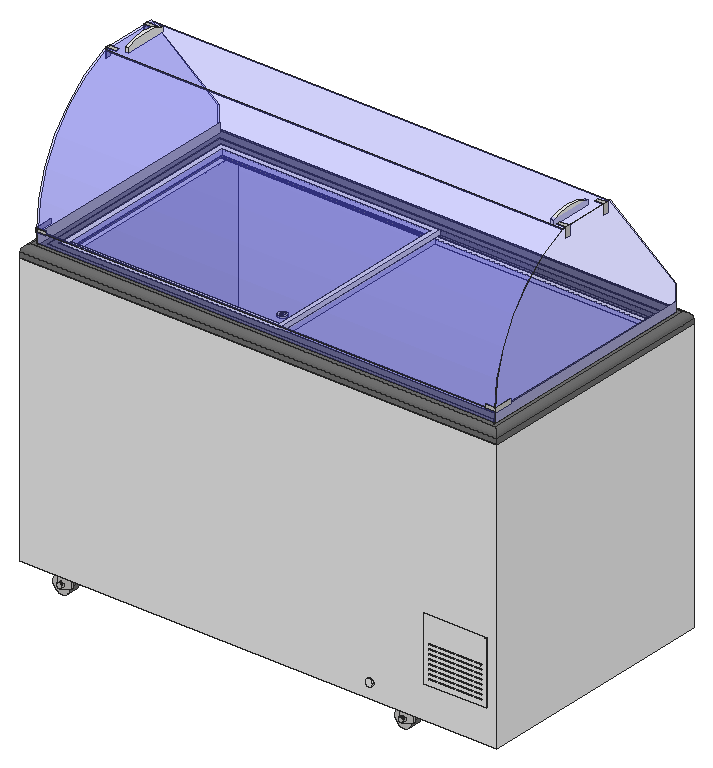
Revit family "Qf_Summit_NOVA45GDC_14 Cu.Ft. Dipping Cabinet (Unassembled)", category Specialty Equipment, Revit 2020
Family settings
  Round Connector Dimension = Use Diameter
  Part Type = Normal
  Work Plane-Based = No
  Always vertical = Yes
  Cut with Voids When Loaded = No
  Shared = No
  Room Calculation Point = No
Parameters
  Weight in Pounds = 250
  Watts = FL Amps * Volts  # 828 W
  Volts = 115 V
  URL Cutsheet = ""
  Specification by User = ""
  Specification by Manufacturer = ""
  Show Clearance [instance] = yes
  Serial Number = ""
  Seismic Rating = ""
  SMACNA No = ""
  Revision Code = ""
  Refrigerant Volume = 0.00 kip
  Refrigerant Type = "R290a"
  Phase = 1
  Number of Poles = 1
  NAFEM Spec ID Number = ""
  Model = "NOVA45GDC"
  Min Ckt Ampacity = 0 A
  Max Overcurrent Protection = 0 A
  Masterspec = ""
  Manufacturer = "Summit"
  Length = 53"
  Item Number = ""
  Installed By = ""
  Identify Quantity as Lot = yes
  Height = 49 1/2"
  HP = ""
  Furnished By = ""
  Foodservice Equipment Identifier = yes
  FL Amps = 7.2 A
  Electrical Remarks = ""
  Electric Connection Type = ""
  Elec Conn RI Height = 0"
  Elec Conn Connection Height = 0"
  Description = "14 Cu.Ft. Dipping Cabinet (Unassembled)"
  Depth = 27 1/4"
  Default Elevation = 0"
  Cycle = 60 Hz
  Conn Plug = ""
  Conn Conduit = yes
  CSI MasterFormat = ""
  Apparent Power = 828 VA
Reference planes (in)
  plane 1: z = 0
  plane 2 "LEFT": x = 0
  plane 3 "RIGHT": x = 53
  plane 4 "FRONT": y = -28
  plane 5 "TOP": z = 49.5
  plane 6 "Center Y": x = 26.5
  plane 7 "Center X": y = -14.375
  plane 8 "BACK": y = -0.75
  plane 9: z = 2.75
  plane 10: x = 0.75
  plane 11: x = 1
  plane 12: x = 3.71343
  plane 13: x = 41.6875
  plane 14: x = 39.825
  plane 15: x = 31.95
  plane 16: x = 3.125
  plane 17: x = 49.875
  plane 18: z = 5.875
  plane 19: x = 42
  plane 20: z = 15.625
  plane 21: z = 49.5
Forms (in)
  Sweep 1, solid, material "QF_Plastic_Dark_Grey"
    path origin (0, 0, 0) x (1, 0, 0) y (0, 1, 0)
      loop
        line (0, -0.75) -> (0, -28) -> (53, -28) -> (53, -0.75) -> (0, -0.75)
    profile origin (0, -14.375, 0) x (1, 0, 0) y (0, 0, 1)
      loop
        line (0, 33) -> (1.7, 33) -> (1.7, 34.25) -> (0.75, 34.25) -> (0.67874, 34.25)
        arc (0.67874, 34.25) -> (0.1988, 34.0512) -> (0, 33.57126) r 0.67874
        line (0, 33.57126) -> (0, 33)
  Extrusion 2, solid, material "QF_Metallic_Paint_White_Smooth"
    sketch origin (0, 0, 0) x (1, 0, 0) y (0, 1, 0)
      loop
        line (3.125, -27) -> (49.875, -27) -> (49.875, -1.75) -> (3.125, -1.75) -> (3.125, -27)
      loop
        line (53, -0.75) -> (0, -0.75) -> (0, -28) -> (53, -28) -> (53, -0.75)
    from 2.75 to 33
  Extrusion 3, solid, material "QF_Metallic_Paint_White_Smooth"
    sketch origin (0, 0, 0) x (1, 0, 0) y (0, 1, 0)
      loop
        line (2.4, -3.15) -> (2.4, -25.6) -> (26.75, -25.6) -> (26.75, -3.15) -> (2.4, -3.15)
      loop
        line (3.075, -3.8) -> (3.075, -24.8) -> (26.25, -24.8) -> (26.25, -3.8) -> (3.075, -3.8)
    from 33.70906 to 34.25
  Extrusion 4, solid, material "Glass"
    sketch origin (0, 0, 0) x (1, 0, 0) y (0, 1, 0)
      loop
        line (3.075, -3.8) -> (3.075, -24.8) -> (26.25, -24.8) -> (26.25, -3.8) -> (3.075, -3.8)
    from 33.63932 to 34.25
  Extrusion 5, solid, material "QF_Metallic_Paint_White_Smooth"
    sketch origin (0, -0.75, 0) x (1, 0, 0) y (0, 0, 1)
      loop
        line (1, 5.875) -> (1, 2.75) -> (52, 2.75) -> (52, 15.625) -> (42, 15.625) -> (42, 5.875) -> (1, 5.875)
    from 1 to 26.25
  Sweep 6, solid, material "QF_Plastic_Dark_Grey"
    path origin (30, 0, 34.27864) x (-1, 0, 0) y (0, -1, 0)
      loop
        line (27.7, 3.05) -> (27.7, 25.7) -> (-20.7, 25.7) -> (-20.7, 3.05) -> (27.7, 3.05)
    profile origin (26.5, -3.05, 34.27864) x (0, 1, 0) y (0, 0, 1)
      loop
        line (-0.1, -0.02864) -> (-0.1, -0.56958) -> (-0.33757, -0.56958) -> (-0.33757, -0.63932) -> (-0.1, -0.63932) -> (-0.1, -1.18026) -> (-0.33757, -1.18026) -> (-0.33757, -1.27864) -> (0.6, -1.27864) -> (0.6, -0.02864) -> (-0.1, -0.02864)
  Extrusion 7, solid, material "QF_Metallic_Paint_White_Smooth"
    sketch origin (30, 0, -0.61068) x (-1, 0, 0) y (0, -1, 0)
      loop
        line (-20.6, 3.15) -> (3.75, 3.15) -> (3.75, 25.45) -> (-20.6, 25.45) -> (-20.6, 3.15)
      loop
        line (-19.925, 3.8) -> (3.25, 3.8) -> (3.25, 24.8) -> (-19.925, 24.8) -> (-19.925, 3.8)
    from 33.70906 to 34.25
  Extrusion 8, solid, material "Glass"
    sketch origin (30, 0, -0.61068) x (-1, 0, 0) y (0, -1, 0)
      loop
        line (-19.925, 3.8) -> (3.25, 3.8) -> (3.25, 24.8) -> (-19.925, 24.8) -> (-19.925, 3.8)
    from 33.70906 to 34.25
  Extrusion 9, solid, material "QF_Metallic_Paint_White_Smooth"
    sketch origin (23.88, 0, 0) x (0, 1, 0) y (0, 0, 1)
      loop
        line (-16.73455, 49.5) -> (-12.01545, 49.5) -> (-12.01545, 50)
        arc (-12.01545, 50) -> (-14.375, 50.5) -> (-16.73455, 50) r 5.8175
        line (-16.73455, 50) -> (-16.73455, 49.5)
    from -21.1274 to -20.805
  Extrusion 10, solid, material "QF_Metallic_Paint_White_Smooth"
    sketch origin (6.12, 0, -0.61068) x (0, 1, 0) y (0, 0, -1)
      loop
        line (-16.73455, -49.5) -> (-16.73455, -50)
        arc (-16.73455, -50) -> (-14.375, -50.5) -> (-12.01545, -50) r 5.8175
        line (-12.01545, -50) -> (-12.01545, -49.5) -> (-16.73455, -49.5)
    from -44.1274 to -43.805
  Extrusion 11, solid, material "QF_Metallic_Paint_White_Smooth"
    sketch origin (0, -28, 0) x (1, 0, 0) y (0, 0, 1)
      loop
        line (44.875, 13.375) -> (44.875, 6.375) -> (51.875, 6.375) -> (51.875, 13.375) -> (44.875, 13.375)
      loop
        line (45.375, 10.625) -> (45.375, 10.375) -> (51.375, 10.375) -> (51.375, 10.625) -> (45.375, 10.625)
      loop
        line (51.375, 10.125) -> (45.375, 10.125) -> (45.375, 9.875) -> (51.375, 9.875) -> (51.375, 10.125)
      loop
        line (45.375, 9.625) -> (45.375, 9.375) -> (51.375, 9.375) -> (51.375, 9.625) -> (45.375, 9.625)
      loop
        line (51.375, 9.125) -> (45.375, 9.125) -> (45.375, 8.875) -> (51.375, 8.875) -> (51.375, 9.125)
      loop
        line (45.375, 8.625) -> (45.375, 8.375) -> (51.375, 8.375) -> (51.375, 8.625) -> (45.375, 8.625)
      loop
        line (51.375, 8.125) -> (45.375, 8.125) -> (45.375, 7.875) -> (51.375, 7.875) -> (51.375, 8.125)
      loop
        line (45.375, 7.625) -> (45.375, 7.375) -> (51.375, 7.375) -> (51.375, 7.625) -> (45.375, 7.625)
      loop
        line (51.375, 7.125) -> (45.375, 7.125) -> (45.375, 6.875) -> (51.375, 6.875) -> (51.375, 7.125)
    from 0 to 0.03125
  Extrusion 12, solid, material "QF_Metallic_Paint_White_Smooth"
    sketch origin (0, -0.75, 0) x (1, 0, 0) y (0, 0, 1)
      loop
        circle (50, 5.375) r 0.25
    from 0 to -0.23344
  Extrusion 13, solid, material "QF_Metallic_Paint_White_Smooth"
    sketch origin (0, -28, 0) x (1, 0, 0) y (0, 0, 1)
      loop
        circle (38.875, 4.375) r 0.40028
    from 0 to 0.15886
  Extrusion 14, solid, material "QF_Metal - Stainless - Polished"
    sketch origin (0.07561, 0.09001, 34.25) x (1, 0, 0) y (0, 1, 0)
      loop
        circle (25.42439, -23.52751) r 0.5
      loop
        circle (25.42439, -23.52751) r 0.25
      loop
        arc (25.45564, -23.57767) -> (25.42439, -23.46841) -> (25.39314, -23.57767) r 0.0591
        line (25.39314, -23.57767) -> (25.39314, -23.72445)
        arc (25.39314, -23.72445) -> (25.42439, -23.7557) -> (25.45564, -23.72445) r 0.03125
        line (25.45564, -23.72445) -> (25.45564, -23.57767)
    from 0.04239 to -0.05358
Cuts and joins
  joined: Extrusion 2, Extrusion 5, Extrusion 11, Extrusion 12
  joined: Extrusion 3, Extrusion 9
  joined: Extrusion 7, Extrusion 10
Lines and regions (in)
  Split face 1
    outline origin (44.875, -28.03125, 13.375) x (-1, 0, 0) y (0, 0, -1)
      loop
        arc (-2, 1.7125) -> (-2.02929, 1.78321) -> (-2.1, 1.8125) r 0.1
        line (-2.1, 1.8125) -> (-4.9, 1.8125)
        arc (-4.9, 1.8125) -> (-4.97071, 1.78321) -> (-5, 1.7125) r 0.1
        line (-5, 1.7125) -> (-5, 0.6)
        arc (-5, 0.6) -> (-4.97071, 0.52929) -> (-4.9, 0.5) r 0.1
        line (-4.9, 0.5) -> (-2.1, 0.5)
        arc (-2.1, 0.5) -> (-2.02929, 0.52929) -> (-2, 0.6) r 0.1
        line (-2, 0.6) -> (-2, 1.7125)
  Split face 2
    outline origin (44.875, -28.03125, 13.375) x (-1, 0, 0) y (0, 0, -1)
      loop
        line (-2.625, 0.6875) -> (-2.625, 1.375) -> (-4.374, 1.375) -> (-4.374, 0.6875) -> (-2.625, 0.6875)
  Split face 3
    outline origin (44.875, -28.03125, 13.375) x (-1, 0, 0) y (0, 0, -1)
      loop
        arc (-2.4061, 0.67406) -> (-2.3125, 0.54855) -> (-2.2189, 0.67406) r 0.09766
        arc (-2.2189, 0.67406) -> (-2.24545, 0.75668) -> (-2.26367, 0.84152) r 0.87424
        line (-2.26367, 0.84152) -> (-2.26974, 0.93917) -> (-2.35526, 0.93917) -> (-2.36133, 0.84152)
        arc (-2.36133, 0.84152) -> (-2.37955, 0.75668) -> (-2.4061, 0.67406) r 0.87424
  Split face 4
    outline origin (44.875, -28.03125, 13.375) x (-1, 0, 0) y (0, 0, -1)
      loop
        line (-4.59026, 0.82885) -> (-4.6875, 0.81322) -> (-4.78474, 0.82885) -> (-4.6875, 0.66041) -> (-4.59026, 0.82885)
  Split face 5
    outline origin (44.875, -28.03125, 13.375) x (-1, 0, 0) y (0, 0, -1)
      loop
        line (-4.6875, 1.09273) -> (-4.59026, 1.07711) -> (-4.6875, 1.24554) -> (-4.78474, 1.07711) -> (-4.6875, 1.09273)
  Split face 6
    outline origin (44.875, -28.03125, 13.375) x (-1, 0, 0) y (0, 0, -1)
      loop
        arc (-4.67187, 1.54954) -> (-4.6875, 1.73573) -> (-4.70312, 1.54954) r 0.09375
        line (-4.70312, 1.54954) -> (-4.70312, 1.48913) -> (-4.67187, 1.48913) -> (-4.67187, 1.54954)
  symbolic lines
    curve 1: line (0, -0.75, 0) -> (53, -0.75, 0)
    curve 2: line (0, -28, 0) -> (0, -0.75, 0)
    curve 3: line (53, -28, 0) -> (0, -28, 0)
    curve 4: line (53, -0.75, 0) -> (53, -28, 0)
    curve 5: line (1.7, -26.3, 0) -> (51.3, -26.3, 0)
    curve 6: line (1, -1.75, 0) -> (1, -26.425, 0)
    curve 7: line (52, -1.75, 0) -> (1, -1.75, 0)
    curve 8: line (52, -1.75, 0) -> (52, -26.425, 0)
    curve 9: arc (26, -23.4375, 0) -> (25.5, -22.9375, 0) -> (25, -23.4375, 0) r 0.5
    curve 10: arc (25, -23.4375, 0) -> (25.5, -23.9375, 0) -> (26, -23.4375, 0) r 0.5
    curve 11: arc (25.25, -23.4375, 0) -> (25.5, -23.1875, 0) -> (25.75, -23.4375, 0) r 0.25
    curve 12: arc (25.75, -23.4375, 0) -> (25.5, -23.6875, 0) -> (25.25, -23.4375, 0) r 0.25
    curve 13: line (25.46875, -23.48766, 0) -> (25.46875, -23.63444, 0)
    curve 14: arc (25.46875, -23.63444, 0) -> (25.5, -23.66569, 0) -> (25.53125, -23.63444, 0) r 0.03125
    curve 15: line (25.53125, -23.63444, 0) -> (25.53125, -23.48766, 0)
    curve 16: arc (25.53125, -23.48766, 0) -> (25.5, -23.3784, 0) -> (25.46875, -23.48766, 0) r 0.0591
    curve 17: line (26.75, -25.6, 0) -> (26.75, -3.15, 0)
    curve 18: line (26.25, -24.8, 0) -> (26.25, -3.8, 0)
    curve 19: line (26.25, -3.8, 0) -> (3.075, -3.8, 0)
    curve 20: line (3.075, -3.8, 0) -> (3.075, -24.8, 0)
    curve 21: line (3.075, -24.8, 0) -> (26.25, -24.8, 0)
    curve 22: line (2.4, -3.15, 0) -> (50.6, -3.15, 0)
    curve 23: line (50.6, -3.15, 0) -> (50.6, -25.6, 0)
    curve 24: line (50.6, -25.6, 0) -> (2.4, -25.6, 0)
    curve 25: line (2.4, -25.6, 0) -> (2.4, -3.15, 0)
    curve 26: line (51.3, -2.45, 0) -> (1.7, -2.45, 0)
    curve 27: line (1.7, -2.45, 0) -> (1.7, -26.3, 0)
    curve 28: line (1.7, -26.3, 0) -> (51.3, -26.3, 0)
    curve 29: line (51.3, -26.3, 0) -> (51.3, -2.45, 0)
    curve 30: line (42, -3.15, 0) -> (42, -25.36243, 0)
    curve 31: line (26.75, -3.8, 0) -> (49.925, -3.8, 0)
    curve 32: line (49.925, -3.8, 0) -> (49.925, -24.8, 0)
    curve 33: line (49.925, -24.8, 0) -> (26.75, -24.8, 0)
    curve 34: line (3.075, -12.01545, 0) -> (2.7526, -12.01545, 0)
    curve 35: line (2.7526, -12.01545, 0) -> (2.7526, -16.73455, 0)
    curve 36: line (2.7526, -16.73455, 0) -> (3.075, -16.73455, 0)
    curve 37: line (49.925, -12.01545, 0) -> (50.2474, -12.01545, 0)
    curve 38: line (50.2474, -12.01545, 0) -> (50.2474, -16.73455, 0)
    curve 39: line (50.2474, -16.73455, 0) -> (49.925, -16.73455, 0)
Dimensions and locks (in)
  equal spacing: plane 2 "LEFT", plane 6 "Center Y", plane 3 "RIGHT"
  "Length": plane 2 "LEFT" to plane 3 "RIGHT"
  equal spacing: plane 4 "FRONT", plane 7 "Center X", plane 8 "BACK"
  "Height": plane 5 "TOP" to level
  plane 3 "RIGHT" to plane 2 "LEFT" = 53"
  plane 5 "TOP" to level = 49 1/2"  (x2)
  "Depth": plane 4 "FRONT" to plane 8 "BACK"
  plane 9 to level = 2 3/4"
  locked: plane 12 to plane 2 "LEFT" at 3.71343
  locked: plane 3 "RIGHT" to plane 13 at 11.3125
  plane 5 "TOP" to cut or joined group of Extrusion 2, Extrusion 5, Extrusion 11, Extrusion 12 = 46 3/4"
  Extrusion 2 sketch curve to plane 3 "RIGHT" = 3 1/8"
  plane 14 to Extrusion 5 sketch curve = 2.175"
  locked: Extrusion 5 sketch curve to plane 3 "RIGHT" at 1
  locked: Sweep 6 sketch curve to plane 3 "RIGHT" at 2.3
  Extrusion 3 sketch curve to plane 6 "Center Y" to Extrusion 3 sketch curve = 1/4" locked, 1/4" locked
  cut or joined group of Extrusion 7, Extrusion 10 to cut or joined group of Extrusion 7, Extrusion 10 to cut or joined group of Extrusion 7, Extrusion 10 to plane 3 "RIGHT" = 0" locked, 0.3224", 2.7526"
  plane 16 to plane 17 = 46 3/4"
  locked: plane 20 to plane 18 at 9.75
  plane 17 to plane 19 = 7 7/8"
  plane 18 to level = 5 7/8"
  nested 5 to plane 5 "TOP" = 0"
  cut or joined group of Extrusion 7, Extrusion 10 to cut or joined group of Extrusion 7, Extrusion 10 = 21"
  plane 21 to level = 49 1/2"
  aligned and locked: level to plane 1
  aligned and locked: nested 1 to plane 12
  aligned and locked: nested 2 to plane 12
  aligned and locked: nested 3 to plane 13
  aligned and locked: nested 4 to plane 13
  aligned and locked: Extrusion 3 to Extrusion 4  (x3)
  aligned and locked: Extrusion 8 to Extrusion 7  (x3)
  aligned and locked: Extrusion 2 sketch curve to plane 3 "RIGHT"
  aligned and locked: Sweep 1 sketch curve to plane 3 "RIGHT"
  aligned and locked: cut or joined group of Extrusion 7, Extrusion 10 to cut or joined group of Extrusion 7, Extrusion 10
  aligned and locked: plane 18 to cut or joined group of Extrusion 2, Extrusion 5, Extrusion 11, Extrusion 12
  aligned and locked: cut or joined group of Extrusion 2, Extrusion 5, Extrusion 11, Extrusion 12 to plane 19
  aligned and locked: plane 20 to cut or joined group of Extrusion 2, Extrusion 5, Extrusion 11, Extrusion 12
  aligned and locked: cut or joined group of Extrusion 2, Extrusion 5, Extrusion 11, Extrusion 12 to plane 17
  aligned and locked: cut or joined group of Extrusion 2, Extrusion 5, Extrusion 11, Extrusion 12 to plane 16
Automatic sketch dimensions
  Extrusion 9 sketch curve to plane 5 "TOP" = 0"
  Extrusion 9 sketch curve to plane 7 "Center X" = 0"
  Extrusion 9 sketch curve to plane 7 "Center X" = 2.35955"
  plane 5 "TOP" to Extrusion 9 sketch curve = 1/2"
  plane 7 "Center X" to Extrusion 9 sketch curve = 2.35955"
  Extrusion 9 sketch curve to plane 5 "TOP" = 4.8175"
  Extrusion 10 sketch curve to plane 5 "TOP" = 0.61068"
  Extrusion 10 sketch curve to plane 7 "Center X" = 0"
  Extrusion 10 sketch curve to plane 7 "Center X" = 2.35955"
  Extrusion 10 sketch curve to plane 5 "TOP" = 0.11068"
  plane 7 "Center X" to Extrusion 10 sketch curve = 2.35955"
  Extrusion 10 sketch curve to plane 5 "TOP" = 5.42818"
  curve 9 to curve 10 = 0"  (x2)
  curve 9 to curve 11 = 0"  (x2)
  curve 9 to curve 12 = 0"  (x2)
  curve 9 to curve 16 = 0"  (x2)
  curve 10 to curve 11 = 0"  (x2)
  curve 10 to curve 12 = 0"  (x2)
  curve 10 to curve 16 = 0"  (x2)
  curve 11 to curve 12 = 0"  (x2)
  curve 11 to curve 16 = 0"  (x2)
  curve 12 to curve 16 = 0"  (x2)
  curve 1 to plane 2 "LEFT" = 0"
  curve 6 to plane 11 = 0"
  curve 30 to plane 19 = 0"
  curve 4 to plane 3 "RIGHT" = 0"
  plane 4 "FRONT" to curve 4 = 0"
  plane 8 "BACK" to curve 2 = 0"
  curve 5 to plane 11 = 0.7"
  plane 16 to curve 25 = 0.725"
  plane 16 to curve 34 = 0.3724"
  plane 16 to curve 20 = 0.05"
  curve 13 to plane 6 "Center Y" = 1 1/32"
  curve 13 to curve 16 = 1/32"
  curve 13 to curve 14 = 1/32"
  curve 21 to plane 6 "Center Y" = 1/4"
  plane 17 to curve 31 = 0.05"
  curve 37 to curve 37 = 0.3224"
  plane 17 to curve 24 = 0.725"
  curve 23 to curve 5 = 0.7"
  curve 26 to curve 7 = 0.7"
  curve 29 to plane 4 "FRONT" = 1.7"
  curve 5 to curve 23 = 0.7"
  curve 23 to curve 33 = 0.8"
  curve 21 to curve 33 = 0"
  curve 18 to curve 15 = 1.16556"
  curve 14 to curve 15 = 0.14678"
  curve 15 to curve 16 = 0.05016"
  curve 38 to plane 7 "Center X" = 2.35955"
  curve 35 to plane 7 "Center X" = 2.35955"
  plane 7 "Center X" to curve 34 = 2.35955"
  plane 7 "Center X" to curve 38 = 2.35955"
  plane 8 "BACK" to curve 20 = 3.05"
  plane 8 "BACK" to curve 31 = 3.05"
  curve 19 to curve 22 = 0.65"
  curve 22 to curve 26 = 0.7"
  curve 26 to curve 8 = 0.7"
  curve 10 to curve 16 = 15/32"
  curve 11 to curve 16 = 7/32"
  plane 6 "Center Y" to curve 17 = 1/4"
  curve 8 to curve 5 = 1/8"
  curve 6 to curve 5 = 1/8"
  curve 30 to plane 4 "FRONT" = 2.63757"
  Sweep 1 sketch curve to plane 2 "LEFT" = 0"
  plane 4 "FRONT" to Sweep 1 sketch curve = 0"
  plane 8 "BACK" to Sweep 1 sketch curve = 0"
  profile plane to Sweep 1 sketch curve = 0"
  plane 10 to Sweep 1 sketch curve = 0"
  Sweep 1 sketch curve to Sweep 1 sketch curve = 0.07126"
  Sweep 1 sketch curve to plane 10 = 0.95"
  level to Sweep 1 sketch curve = 33"
  Sweep 1 sketch curve to Sweep 1 sketch curve = 0.57126"
  Extrusion 2 sketch curve to plane 2 "LEFT" = 0"
  Extrusion 2 sketch curve to plane 16 = 0"
  plane 4 "FRONT" to Extrusion 2 sketch curve = 0"
  plane 8 "BACK" to Extrusion 2 sketch curve = 0"
  Extrusion 2 sketch curve to plane 4 "FRONT" = 1"
  plane 8 "BACK" to Extrusion 2 sketch curve = 1"
  plane 16 to Extrusion 3 sketch curve = 0.05"
  plane 16 to Extrusion 3 sketch curve = 0.725"
  Extrusion 3 sketch curve to plane 4 "FRONT" = 2.4"
  Extrusion 3 sketch curve to Extrusion 3 sketch curve = 0.8"
  plane 8 "BACK" to Extrusion 3 sketch curve = 3.05"
  Extrusion 3 sketch curve to Extrusion 3 sketch curve = 0.65"
  plane 16 to Extrusion 4 sketch curve = 0.05"
  Extrusion 4 sketch curve to plane 6 "Center Y" = 1/4"
  Extrusion 4 sketch curve to plane 4 "FRONT" = 3.2"
  plane 8 "BACK" to Extrusion 4 sketch curve = 3.05"
  plane 11 to Extrusion 5 sketch curve = 0"
  Extrusion 5 sketch curve to plane 9 = 0"
  Extrusion 5 sketch curve to plane 18 = 0"
  Extrusion 5 sketch curve to plane 20 = 0"
  plane 16 to Sweep 6 sketch curve = 0.825"
  plane 8 "BACK" to Sweep 6 sketch curve = 2.3"
  Sweep 6 sketch curve to plane 4 "FRONT" = 2.3"
  profile plane to Sweep 6 sketch curve = 0.33757"  (x2)
  profile plane to Sweep 6 sketch curve = 0.1"
  Sweep 6 sketch curve to Sweep 6 sketch curve = 0"
  Sweep 6 sketch curve to profile plane = 0.02864"
  Sweep 6 sketch curve to profile plane = 0.6"
  Sweep 6 sketch curve to profile plane = 0.56958"
  Sweep 6 sketch curve to Sweep 6 sketch curve = 0.06974"
  Sweep 6 sketch curve to Sweep 6 sketch curve = 0.54094"
  Sweep 6 sketch curve to Sweep 6 sketch curve = 0.09838"
  Extrusion 7 sketch curve to plane 17 = 0.725"
  Extrusion 7 sketch curve to plane 17 = 0.05"
  Extrusion 7 sketch curve to plane 6 "Center Y" = 1/4"
  plane 6 "Center Y" to Extrusion 7 sketch curve = 1/4"
  plane 4 "FRONT" to Extrusion 7 sketch curve = 2.55"
  Extrusion 7 sketch curve to Extrusion 7 sketch curve = 0.65"  (x2)
  Extrusion 7 sketch curve to plane 8 "BACK" = 3.05"
  Extrusion 8 sketch curve to plane 17 = 0.05"
  Extrusion 8 sketch curve to plane 6 "Center Y" = 1/4"
  plane 4 "FRONT" to Extrusion 8 sketch curve = 3.2"
  Extrusion 8 sketch curve to plane 8 "BACK" = 3.05"
  plane 18 to Extrusion 11 sketch curve = 1/2"
  plane 19 to Extrusion 11 sketch curve = 2 7/8"
  Extrusion 11 sketch curve to Extrusion 11 sketch curve = 1/2"  (x4)
  Extrusion 11 sketch curve to Extrusion 11 sketch curve = 0"  (x13)
  plane 17 to Extrusion 11 sketch curve = 1 1/2"
  Extrusion 11 sketch curve to Extrusion 11 sketch curve = 1/4"  (x15)
  Extrusion 11 sketch curve to plane 20 = 2 1/4"
  cut or joined group of Extrusion 2, Extrusion 5, Extrusion 11, Extrusion 12 to Split face 1 sketch curve = 1 1/2"
  Split face 1 sketch curve to Split face 1 sketch curve = 0.1"  (x3)
  Split face 1 sketch curve to cut or joined group of Extrusion 2, Extrusion 5, Extrusion 11, Extrusion 12 = 0.6"
  cut or joined group of Extrusion 2, Extrusion 5, Extrusion 11, Extrusion 12 to Split face 1 sketch curve = 1.6"
  Split face 1 sketch curve to Split face 1 sketch curve = 0"
  Split face 1 sketch curve to cut or joined group of Extrusion 2, Extrusion 5, Extrusion 11, Extrusion 12 = 1.0375"
  Split face 2 sketch curve to cut or joined group of Extrusion 2, Extrusion 5, Extrusion 11, Extrusion 12 = 11/16"
  cut or joined group of Extrusion 2, Extrusion 5, Extrusion 11, Extrusion 12 to Split face 2 sketch curve = 2.126"
  Split face 2 sketch curve to Split face 2 sketch curve = 1.749"
  Split face 2 sketch curve to Split face 2 sketch curve = 11/16"
  Split face 3 sketch curve to cut or joined group of Extrusion 2, Extrusion 5, Extrusion 11, Extrusion 12 = 0.98248"
  cut or joined group of Extrusion 2, Extrusion 5, Extrusion 11, Extrusion 12 to Split face 3 sketch curve = 2.72413"
  Split face 3 sketch curve to cut or joined group of Extrusion 2, Extrusion 5, Extrusion 11, Extrusion 12 = 0.84152"  (x2)
  Split face 3 sketch curve to Split face 3 sketch curve = 0.8628"
  Split face 3 sketch curve to Split face 3 sketch curve = 0.00606"
  Split face 3 sketch curve to Split face 3 sketch curve = 0.04883"
  Split face 3 sketch curve to Split face 3 sketch curve = 0.08553"
  Split face 3 sketch curve to Split face 3 sketch curve = 25/256"  (x2)
  Split face 3 sketch curve to Split face 3 sketch curve = 0.86886"
  Split face 3 sketch curve to Split face 3 sketch curve = 25/128"
  Split face 3 sketch curve to Split face 3 sketch curve = 0.04331"
  Split face 3 sketch curve to Split face 3 sketch curve = 0.0936"
  Split face 4 sketch curve to cut or joined group of Extrusion 2, Extrusion 5, Extrusion 11, Extrusion 12 = 0.82885"  (x2)
  cut or joined group of Extrusion 2, Extrusion 5, Extrusion 11, Extrusion 12 to Split face 4 sketch curve = 1.71526"
  Split face 4 sketch curve to cut or joined group of Extrusion 2, Extrusion 5, Extrusion 11, Extrusion 12 = 0.66041"
  Split face 4 sketch curve to Split face 4 sketch curve = 0.09724"  (x3)
  Split face 4 sketch curve to cut or joined group of Extrusion 2, Extrusion 5, Extrusion 11, Extrusion 12 = 0.81322"
  cut or joined group of Extrusion 2, Extrusion 5, Extrusion 11, Extrusion 12 to Split face 5 sketch curve = 1.71526"
  Split face 5 sketch curve to Split face 5 sketch curve = 0.09724"  (x2)
  Split face 5 sketch curve to Split face 5 sketch curve = 0"  (x2)
  Split face 5 sketch curve to cut or joined group of Extrusion 2, Extrusion 5, Extrusion 11, Extrusion 12 = 1.07711"
  Split face 5 sketch curve to Split face 5 sketch curve = 1/64"
  Split face 5 sketch curve to Split face 5 sketch curve = 0.15281"
  cut or joined group of Extrusion 2, Extrusion 5, Extrusion 11, Extrusion 12 to Split face 6 sketch curve = 1 51/64"
  Split face 6 sketch curve to Split face 6 sketch curve = 1/64"
  Split face 6 sketch curve to Split face 6 sketch curve = 1/32"
  Split face 6 sketch curve to cut or joined group of Extrusion 2, Extrusion 5, Extrusion 11, Extrusion 12 = 1.26087"
  Split face 6 sketch curve to Split face 6 sketch curve = 0.06041"
  Split face 6 sketch curve to Split face 6 sketch curve = 0.09244"
  plane 17 to Extrusion 12 sketch curve = 1/8"
  Extrusion 12 sketch curve to plane 18 = 1/2"
  Extrusion 14 sketch curve to Extrusion 14 sketch curve = 0"  (x6)
  Extrusion 14 sketch curve to Extrusion 4 = 25/32"
  Extrusion 14 sketch curve to Extrusion 14 sketch curve = 1/32"  (x2)
  Extrusion 14 sketch curve to Extrusion 4 = 1.16556"
  Extrusion 14 sketch curve to Extrusion 14 sketch curve = 0.14678"
  Extrusion 14 sketch curve to Extrusion 14 sketch curve = 0.05016"
  radius of Extrusion 12 sketch curve = 1/4"
  radius of Extrusion 14 sketch curve = 1/2"
  radius of Extrusion 14 sketch curve = 1/4"
Nested families (in)
  nested 1: "2-34 INCHES_CASTER" at (3.71343, -25.875, 0) x (0, -1, 0) z (0, 0, 1), type "2-34 INCHES_CASTER"
    with Type Mark "", Specification by User "", Show 4.25" Casters yes, Right Lock yes, Revision Code "", Left Lock yes, Item Number "", Installed By "", Identify Quantity as Lot yes, Furnished By "", Foodservice Equipment Identifier yes
  nested 2: "2-34 INCHES_CASTER" at (3.71343, -2.875, 0) x (0, -1, 0) z (0, 0, 1), type "2-34 INCHES_CASTER"
    with Type Mark "", Specification by User "", Show 4.25" Casters yes, Right Lock yes, Revision Code "", Left Lock yes, Item Number "", Installed By "", Identify Quantity as Lot yes, Furnished By "", Foodservice Equipment Identifier yes
  nested 3: "2-34 INCHES_CASTER" at (41.6875, -25.875, 0) x (0, -1, 0) z (0, 0, 1), type "2-34 INCHES_CASTER"
    with Type Mark "", Specification by User "", Show 4.25" Casters yes, Right Lock yes, Revision Code "", Left Lock yes, Item Number "", Installed By "", Identify Quantity as Lot yes, Furnished By "", Foodservice Equipment Identifier yes
  nested 4: "2-34 INCHES_CASTER" at (41.6875, -2.875, 0) x (0, -1, 0) z (0, 0, 1), type "2-34 INCHES_CASTER"
    with Type Mark "", Specification by User "", Show 4.25" Casters yes, Right Lock yes, Revision Code "", Left Lock yes, Item Number "", Installed By "", Identify Quantity as Lot yes, Furnished By "", Foodservice Equipment Identifier yes
  nested 5: "FSNEEZEGUARD for NOVA 45 GDC" at (3.175, 11.875, 34.25), type "FSNEEZEGUARD for NOVA 45 GDC"
Connectors (in)
  electrical at (50, -0.51656, 5.375)
    settings: on cut or joined group of Extrusion 2, Extrusion 5, Extrusion 11, Extrusion 12, index 1, voltage 0 V, apparent load 0 VA, apparent load phase1 0 VA, apparent load phase2 0 VA, apparent load phase3 0 VA, power factor 1, load classification "Other", number of poles 1, system type 31, power factor state 1, is connector primary yes, connector utility no, sub classification motor no, connector description ""
  piping at (38.875, -28.15886, 4.375), diameter 0.75
    settings: on Extrusion 13, index 2, connector inside diameter 24", connector length 0", flow factor 0, pipe flow 0 GPM, pressure drop 0.00 psi, fitting loss kfactor 0, connector angle 0.00°, fixture units 0, engagement length 0", angle of deflection 0.00°, flow configuration 1, flow direction 2, fitting loss method 0, system type 16, joint type 0, gender type 0, connector reference index -1, connector utility 0, adjustable connector no, is connector primary yes, connector description "Drain"
Definition of nested family "2-34 INCHES_CASTER"
  Parameters (values of type "2-34 INCHES_CASTER")
    Weight = ""
    URL Manufacturer = ""
    URL Cutsheet = ""
    URL = ""
    Type Mark [instance] = ""
    Specification by User [instance] = ""
    Specification by Manufacturer = ""
    Show 4.25" Casters [instance] = yes
    Serial Number = ""
    Seismic Rating = ""
    SMACNA No = ""
    Right Lock [instance] = yes
    Revision Code [instance] = ""
    Omniclass Number and Title = ""
    NAFEM Spec ID Number = ""
    Model = ""
    MasterSpec. = ""
    Manufacturer = ""
    Left Lock [instance] = yes
    Item Number [instance] = ""
    Installed By [instance] = ""
    Identify Quantity as Lot [instance] = yes
    Furnished By [instance] = ""
    Foodservice Equipment Identifier [instance] = yes
    Description = ""
    Default Elevation = 0"
    CSI MasterFormat = ""
    CSI Master Format = ""
    Assembly Code = ""
  Reference planes (in)
    plane 1: z = 0
    plane 2 "RIGHT": x = 0
    plane 3 "FRONT": y = 0
    plane 4 "TOP": z = 2.74
    plane 5: z = 2.74
  Forms (in)
    Extrusion 1, solid, visible <- "Show 4.25" Casters"
      sketch origin (-0.60795, -3.50665, 0) x (0, 1, 0) y (0, 0, 1)
        loop
          arc (4.4375, 2.09375) -> (4.42835, 2.11585) -> (4.40625, 2.125) r 0.03125
          line (4.40625, 2.125) -> (4.34375, 2.125)
          arc (4.34375, 2.125) -> (4.32165, 2.13415) -> (4.3125, 2.15625) r 0.03125
          line (4.3125, 2.15625) -> (4.3125, 2.59375)
          arc (4.3125, 2.59375) -> (4.32165, 2.61585) -> (4.34375, 2.625) r 0.03125
          line (4.34375, 2.625) -> (4.625, 2.625) -> (4.625, 2.75) -> (2.625, 2.75) -> (2.625, 2.625) -> (2.90625, 2.625)
          arc (2.90625, 2.625) -> (2.92835, 2.61585) -> (2.9375, 2.59375) r 0.03125
          line (2.9375, 2.59375) -> (2.9375, 2.15625)
          arc (2.9375, 2.15625) -> (2.92835, 2.13415) -> (2.90625, 2.125) r 0.03125
          line (2.90625, 2.125) -> (2.84375, 2.125)
          arc (2.84375, 2.125) -> (2.82165, 2.11585) -> (2.8125, 2.09375) r 0.03125
          line (2.8125, 2.09375) -> (2.8125, 0.75)
          arc (2.8125, 0.75) -> (2.84911, 0.66161) -> (2.9375, 0.625) r 0.125
          line (2.9375, 0.625) -> (3.3125, 0.625) -> (4.35203, 0.97151)
          arc (4.35203, 0.97151) -> (4.41391, 1.01701) -> (4.4375, 1.09009) r 0.125
          line (4.4375, 1.09009) -> (4.4375, 2.09375)
      from 0 to -0.09291
    Extrusion 2, solid, visible <- "Show 4.25" Casters"
      sketch origin (-0.60795, -3.50665, 0) x (0, 1, 0) y (0, 0, 1)
        loop
          line (4.625, 2.75) -> (2.625, 2.75) -> (2.625, 2.625) -> (4.625, 2.625) -> (4.625, 2.75)
      from 0 to 1.2159
    Extrusion 3, solid, visible <- "Show 4.25" Casters"
      sketch origin (-0.60795, -3.50665, 0) x (0, 1, 0) y (0, 0, 1)
        loop
          line (3.46896, 1.1625) -> (3.1875, 1.325) -> (2.90604, 1.1625) -> (2.90604, 0.8375) -> (3.1875, 0.675) -> (3.46896, 0.8375) -> (3.46896, 1.1625)
      from -0.27106 to -0.09291
    Extrusion 4, solid, visible <- "Show 4.25" Casters"
      sketch origin (-0.60795, -3.50665, 0) x (0, 1, 0) y (0, 0, 1)
        loop
          circle (3.1875, 1) r 0.28146
      from -0.31535 to 1.53554
    Extrusion 5, solid, visible <- "Show 4.25" Casters"
      sketch origin (-0.60795, -3.50665, 0) x (0, 1, 0) y (0, 0, 1)
        loop
          circle (3.1875, 1) r 1
      from 0.03554 to 1.18465
    Extrusion 6, solid, visible <- "Show 4.25" Casters"
      sketch origin (-0.60795, -3.50665, 0) x (0, 1, 0) y (0, 0, 1)
        loop
          line (2.90625, 2.125) -> (2.84375, 2.125)
          arc (2.84375, 2.125) -> (2.82165, 2.11585) -> (2.8125, 2.09375) r 0.03125
          line (2.8125, 2.09375) -> (4.4375, 2.09375)
          arc (4.4375, 2.09375) -> (4.42835, 2.11585) -> (4.40625, 2.125) r 0.03125
          line (4.40625, 2.125) -> (4.34375, 2.125)
          arc (4.34375, 2.125) -> (4.32165, 2.13415) -> (4.3125, 2.15625) r 0.03125
          line (4.3125, 2.15625) -> (4.3125, 2.59375)
          arc (4.3125, 2.59375) -> (4.32165, 2.61585) -> (4.34375, 2.625) r 0.03125
          line (4.34375, 2.625) -> (2.90625, 2.625)
          arc (2.90625, 2.625) -> (2.92835, 2.61585) -> (2.9375, 2.59375) r 0.03125
          line (2.9375, 2.59375) -> (2.9375, 2.15625)
          arc (2.9375, 2.15625) -> (2.92835, 2.13415) -> (2.90625, 2.125) r 0.03125
      from 0 to 1.2159
    Extrusion 7, solid, visible <- "Show 4.25" Casters"
      sketch origin (0.60795, -3.50665, 0) x (0, 1, 0) y (0, 0, -1)
        loop
          line (4.4375, -2.09375) -> (4.4375, -1.09009)
          arc (4.4375, -1.09009) -> (4.41391, -1.01701) -> (4.35203, -0.97151) r 0.125
          line (4.35203, -0.97151) -> (3.3125, -0.625) -> (2.9375, -0.625)
          arc (2.9375, -0.625) -> (2.84911, -0.66161) -> (2.8125, -0.75) r 0.125
          line (2.8125, -0.75) -> (2.8125, -2.09375)
          arc (2.8125, -2.09375) -> (2.82165, -2.11585) -> (2.84375, -2.125) r 0.03125
          line (2.84375, -2.125) -> (2.90625, -2.125)
          arc (2.90625, -2.125) -> (2.92835, -2.13415) -> (2.9375, -2.15625) r 0.03125
          line (2.9375, -2.15625) -> (2.9375, -2.59375)
          arc (2.9375, -2.59375) -> (2.92835, -2.61585) -> (2.90625, -2.625) r 0.03125
          line (2.90625, -2.625) -> (2.625, -2.625) -> (2.625, -2.75) -> (4.625, -2.75) -> (4.625, -2.625) -> (4.34375, -2.625)
          arc (4.34375, -2.625) -> (4.32165, -2.61585) -> (4.3125, -2.59375) r 0.03125
          line (4.3125, -2.59375) -> (4.3125, -2.15625)
          arc (4.3125, -2.15625) -> (4.32165, -2.13415) -> (4.34375, -2.125) r 0.03125
          line (4.34375, -2.125) -> (4.40625, -2.125)
          arc (4.40625, -2.125) -> (4.42835, -2.11585) -> (4.4375, -2.09375) r 0.03125
      from 0 to -0.09291
    Extrusion 8, solid, visible <- "Show 4.25" Casters"
      sketch origin (0.60795, -3.50665, 0) x (0, 1, 0) y (0, 0, -1)
        loop
          line (3.46896, -1.1625) -> (3.46896, -0.8375) -> (3.1875, -0.675) -> (2.90604, -0.8375) -> (2.90604, -1.1625) -> (3.1875, -1.325) -> (3.46896, -1.1625)
      from -0.27106 to -0.09291
  Cuts and joins
    joined: Extrusion 1, Extrusion 2, Extrusion 3, Extrusion 4, Extrusion 5, Extrusion 6, Extrusion 7, Extrusion 8
  Lines and regions (in)
    symbolic lines, visible <- "Show 4.25" Casters"
      curve 1: line (0.28481, 1.83041, 0) -> (1.24556, 1.27572, 0)
      curve 2: line (-1.26206, -0.84886, 0) -> (0.28481, 1.83041, 0)
      curve 3: line (-0.30132, -1.40355, 0) -> (-1.26206, -0.84886, 0)
      curve 4: line (1.24556, 1.27572, 0) -> (-0.30132, -1.40355, 0)
  Dimensions and locks (in)
    plane 4 "TOP" to level = 2.74"  (x2)
    aligned and locked: level to plane 1
    aligned and locked: Extrusion 6 to Extrusion 7
    aligned and locked: Extrusion 2 to Extrusion 7
Definition of nested family "FSNEEZEGUARD for NOVA 45 GDC"
  Parameters (values of type "FSNEEZEGUARD for NOVA 45 GDC")
    Model = ""
    Manufacturer = ""
    Length = 51"
    Height = 15 1/4"
    Description = ""
    Depth = 25 1/4"
    Default Elevation = 0"
  Reference planes (in)
    plane 1 "BACK": y = -13.625
    plane 2: z = 0
    plane 3 "LEFT": x = -2.175
    plane 4 "RIGHT": x = 48.825
    plane 5 "FRONT": y = -38.875
    plane 6 "TOP": z = 15.25
    plane 7 "Center Y": x = 23.325
    plane 8 "Center X": y = -26.25
    plane 9: z = 1.25
    plane 10: z = 3.25
    plane 11: z = 2.25
    plane 12: z = 10.25
    plane 13: z = 14
    plane 14: x = 48.7
  Forms (in)
    Extrusion 1, solid
      sketch origin (23.88, -8.75, 0) x (0, 1, 0) y (0, 0, 1)
        loop
          line (-30.125, 1.25) -> (-30.125, 0) -> (-30, 0) -> (-30, 1.25)
          arc (-30, 1.25) -> (-27.46539, 9.62328) -> (-20.6634, 15.125) r 14.87994
          line (-20.6634, 15.125) -> (-14.15625, 15.125) -> (-14.15625, 15.25) -> (-20.6875, 15.25)
          arc (-20.6875, 15.25) -> (-27.56218, 9.70333) -> (-30.125, 1.25) r 15.00494
      from -26.055 to 24.945
    Extrusion 2, solid
      sketch origin (23.88, -8.75, 0) x (0, 1, 0) y (0, 0, 1)
        loop
          line (-4.875, 2.81069) -> (-14.15625, 15.25) -> (-20.6875, 15.25)
          arc (-20.6875, 15.25) -> (-27.52511, 9.75806) -> (-30.125, 1.38221) r 15.00494
          line (-30.125, 1.38221) -> (-30.125, 0) -> (-4.875, 0) -> (-4.875, 2.81069)
      from -26.055 to -25.93
    Extrusion 3, solid
      sketch origin (0.52, -8.75, 0) x (0, 1, 0) y (0, 0, -1)
        loop
          line (-20.6875, -15.25) -> (-14.15625, -15.25) -> (-4.875, -2.81069) -> (-4.875, 0) -> (-30.125, 0) -> (-30.125, -1.38221)
          arc (-30.125, -1.38221) -> (-27.52511, -9.75806) -> (-20.6875, -15.25) r 15.00494
      from -48.305 to -48.18
    Extrusion 4, solid
      sketch origin (0.52, -8.75, -1.25) x (0, 1, 0) y (0, 0, -1)
        loop
          line (-30.0801, -2.25) -> (-4.875, -2.25) -> (-4.875, -1.25) -> (-30.10871, -1.25)
          arc (-30.10871, -1.25) -> (-30.10274, -1.75024) -> (-30.0801, -2.25) r 15.00494
      from 2.54996 to 2.57
    Extrusion 5, solid
      sketch origin (22.88, -8.75, -1.25) x (0, 1, 0) y (0, 0, 1)
        loop
          arc (-30.0801, 2.25) -> (-30.10274, 1.75024) -> (-30.10871, 1.25) r 15.00494
          line (-30.10871, 1.25) -> (-4.875, 1.25) -> (-4.875, 2.25) -> (-30.0801, 2.25)
      from 25.79996 to 25.82
    Extrusion 6, solid
      sketch origin (0, -13.625, 2.125) x (-1, 0, 0) y (0, 0, -1)
        loop
          line (-48.825, -13.125) -> (-48.825, -12.125) -> (-48.8875, -12.125) -> (-48.8875, -13.1875) -> (-47.825, -13.1875) -> (-47.825, -13.125) -> (-48.825, -13.125)
      from 15.03368 to 15.5
    Extrusion 7, solid
      sketch origin (0, -8.375, 2.125) x (-1, 0, 0) y (0, 0, -1)
        loop
          line (-48.825, -13.125) -> (-48.825, -12.125) -> (-48.8875, -12.125) -> (-48.8875, -13.1875) -> (-47.825, -13.1875) -> (-47.825, -13.125) -> (-48.825, -13.125)
      from 15.03368 to 15.5
    Extrusion 8, solid
      sketch origin (54.15, -13.625, 2.125) x (1, 0, 0) y (0, 0, 1)
        loop
          line (-56.325, 13.125) -> (-55.325, 13.125) -> (-55.325, 13.1875) -> (-56.3875, 13.1875) -> (-56.3875, 12.125) -> (-56.325, 12.125) -> (-56.325, 13.125)
      from 15.03368 to 15.5
    Extrusion 9, solid
      sketch origin (54.15, -8.375, 2.125) x (1, 0, 0) y (0, 0, 1)
        loop
          line (-56.325, 13.125) -> (-55.325, 13.125) -> (-55.325, 13.1875) -> (-56.3875, 13.1875) -> (-56.3875, 12.125) -> (-56.325, 12.125) -> (-56.325, 13.125)
      from 15.03368 to 15.5
    Extrusion 10, solid
      sketch origin (54.15, -25.68731, -13.87623) x (0, -1, 0) y (1, 0, 0)
        loop
          line (13.125, -56.325) -> (11.15409, -56.325) -> (11.15409, -56.3875) -> (13.1875, -56.3875) -> (13.1875, -55.2625) -> (13.125, -55.325) -> (13.125, -56.325)
      from 15.03368 to 15.5
    Extrusion 11, solid
      sketch origin (0, -25.68731, -13.87623) x (0, 1, 0) y (-1, 0, 0)
        loop
          line (-13.125, -48.825) -> (-13.125, -47.825) -> (-13.1875, -47.7625) -> (-13.1875, -48.8875) -> (-11.15409, -48.8875) -> (-11.15409, -48.825) -> (-13.125, -48.825)
      from 15.03368 to 15.5
  Cuts and joins
    joined: Extrusion 1, Extrusion 2, Extrusion 3
  Lines and regions (in)
    symbolic lines
      curve 1: line (-2.175, -13.625, 19.5) -> (-2.05, -13.625, 19.5)
      curve 2: line (-2.05, -38.875, 19.5) -> (-2.175, -38.875, 19.5)
      curve 3: line (-2.05, -13.625, 19.5) -> (-2.05, -23.40868, 19.5)
      curve 4: line (-2.175, -13.625, 19.5) -> (48.825, -13.625, 19.5)
      curve 5: line (-2.175, -38.875, 19.5) -> (-2.175, -29.125, 19.5)
      curve 6: line (48.825, -38.875, 19.5) -> (48.7, -38.875, 19.5)
      curve 7: line (48.825, -13.625, 19.5) -> (48.825, -23.40868, 19.5)
      curve 8: line (48.7, -13.625, 19.5) -> (48.825, -13.625, 19.5)
      curve 9: line (48.7, -38.875, 19.5) -> (48.7, -29.125, 19.5)
      curve 10: line (-2.175, -29.4375, 19.5) -> (48.825, -29.4375, 19.5)
      curve 11: line (-2.175, -38.875, 19.5) -> (48.825, -38.875, 19.5)
      curve 12: line (48.7, -23.40868, 19.5) -> (48.7, -13.625, 19.5)
      curve 13: line (48.7, -28.65868, 19.5) -> (48.7, -23.875, 19.5)
      curve 14: line (48.8875, -28.65868, 19.5) -> (47.825, -28.65868, 19.5)
      curve 15: line (47.825, -28.65868, 19.5) -> (47.825, -29.125, 19.5)
      curve 16: line (47.825, -29.125, 19.5) -> (48.8875, -29.125, 19.5)
      curve 17: line (48.8875, -29.125, 19.5) -> (48.8875, -28.65868, 19.5)
      curve 18: line (48.8875, -23.40868, 19.5) -> (47.825, -23.40868, 19.5)
      curve 19: line (47.825, -23.40868, 19.5) -> (47.825, -23.875, 19.5)
      curve 20: line (47.825, -23.875, 19.5) -> (48.8875, -23.875, 19.5)
      curve 21: line (48.8875, -23.875, 19.5) -> (48.8875, -23.40868, 19.5)
      curve 22: line (48.825, -23.875, 19.5) -> (48.825, -28.65868, 19.5)
      curve 23: line (48.825, -29.125, 19.5) -> (48.825, -38.875, 19.5)
      curve 24: line (48.7, -22.90625, 19.5) -> (-2.05, -22.90625, 19.5)
      curve 25: line (-2.2375, -28.65868, 19.5) -> (-1.175, -28.65868, 19.5)
      curve 26: line (-1.175, -28.65868, 19.5) -> (-1.175, -29.125, 19.5)
      curve 27: line (-1.175, -29.125, 19.5) -> (-2.2375, -29.125, 19.5)
      curve 28: line (-2.2375, -29.125, 19.5) -> (-2.2375, -28.65868, 19.5)
      curve 29: line (-2.2375, -23.40868, 19.5) -> (-1.175, -23.40868, 19.5)
      curve 30: line (-1.175, -23.40868, 19.5) -> (-1.175, -23.875, 19.5)
      curve 31: line (-1.175, -23.875, 19.5) -> (-2.2375, -23.875, 19.5)
      curve 32: line (-2.2375, -23.875, 19.5) -> (-2.2375, -23.40868, 19.5)
      curve 33: line (-2.05, -23.875, 19.5) -> (-2.05, -28.65868, 19.5)
      curve 34: line (-2.05, -29.125, 19.5) -> (-2.05, -38.875, 19.5)
      curve 35: line (-2.175, -28.65868, 19.5) -> (-2.175, -23.875, 19.5)
      curve 36: line (-2.175, -23.40868, 19.5) -> (-2.175, -13.625, 19.5)
      curve 37: line (48.825, -23.875, 19.5) -> (48.825, -28.65868, 19.5)
      curve 38: line (48.825, -29.125, 19.5) -> (48.825, -38.875, 19.5)
  Dimensions and locks (in)
    equal spacing: plane 3 "LEFT", plane 7 "Center Y", plane 4 "RIGHT"
    "Length": plane 3 "LEFT" to plane 4 "RIGHT"
    equal spacing: plane 5 "FRONT", plane 8 "Center X", plane 1 "BACK"
    "Depth": plane 5 "FRONT" to plane 1 "BACK"
    "Height": plane 6 "TOP" to level
    plane 4 "RIGHT" to plane 3 "LEFT" = 51"
    plane 5 "FRONT" to plane 1 "BACK" = 25 1/4"  (x2)
    plane 6 "TOP" to level = 15 1/4"
    locked: Extrusion 5 to Extrusion 5 at 0.02004
    locked: plane 14 to plane 4 "RIGHT" at 0.125
    aligned and locked: level to plane 2
    aligned and locked: Extrusion 3 to Extrusion 5
    aligned and locked: Extrusion 4 to plane 1 "BACK"
    aligned and locked: cut or joined group of Extrusion 1, Extrusion 2, Extrusion 3 to plane 4 "RIGHT"  (x2)
    aligned and locked: plane 14 to cut or joined group of Extrusion 1, Extrusion 2, Extrusion 3
    aligned and locked: Extrusion 5 to plane 14
  Automatic sketch dimensions
    plane 4 "RIGHT" to Extrusion 6 sketch curve = 0"
    Extrusion 6 sketch curve to plane 6 "TOP" = 0"
    Extrusion 6 sketch curve to plane 4 "RIGHT" = 1/16"
    plane 4 "RIGHT" to Extrusion 6 sketch curve = 1"
    plane 6 "TOP" to Extrusion 6 sketch curve = 1/16"
    Extrusion 6 sketch curve to plane 13 = 1/4"
    plane 4 "RIGHT" to Extrusion 7 sketch curve = 0"
    Extrusion 7 sketch curve to plane 6 "TOP" = 0"
    Extrusion 7 sketch curve to plane 4 "RIGHT" = 1/16"
    plane 4 "RIGHT" to Extrusion 7 sketch curve = 1"
    plane 6 "TOP" to Extrusion 7 sketch curve = 1/16"
    Extrusion 7 sketch curve to plane 13 = 1/4"
    Extrusion 8 sketch curve to plane 3 "LEFT" = 0"
    Extrusion 8 sketch curve to plane 6 "TOP" = 0"
    Extrusion 8 sketch curve to plane 3 "LEFT" = 1/16"
    plane 3 "LEFT" to Extrusion 8 sketch curve = 1"
    Extrusion 8 sketch curve to plane 13 = 1/4"
    plane 6 "TOP" to Extrusion 8 sketch curve = 1/16"
    Extrusion 9 sketch curve to plane 3 "LEFT" = 0"
    Extrusion 9 sketch curve to plane 6 "TOP" = 0"
    Extrusion 9 sketch curve to plane 3 "LEFT" = 1/16"
    plane 3 "LEFT" to Extrusion 9 sketch curve = 1"
    Extrusion 9 sketch curve to plane 13 = 1/4"
    plane 6 "TOP" to Extrusion 9 sketch curve = 1/16"
    Extrusion 10 sketch curve to plane 3 "LEFT" = 0"
    Extrusion 10 sketch curve to plane 3 "LEFT" = 1/16"
    Extrusion 10 sketch curve to plane 5 "FRONT" = 2.0336"
    Extrusion 10 sketch curve to plane 5 "FRONT" = 0.06269"
    Extrusion 10 sketch curve to plane 5 "FRONT" = 0.00019"
    plane 3 "LEFT" to Extrusion 10 sketch curve = 1"
    Extrusion 10 sketch curve to Extrusion 10 sketch curve = 1/16"
    Extrusion 11 sketch curve to plane 4 "RIGHT" = 0"
    Extrusion 11 sketch curve to plane 5 "FRONT" = 0.00019"
    Extrusion 11 sketch curve to plane 5 "FRONT" = 0.06269"
    Extrusion 11 sketch curve to Extrusion 11 sketch curve = 1.97091"
    Extrusion 11 sketch curve to plane 4 "RIGHT" = 1/16"
    plane 4 "RIGHT" to Extrusion 11 sketch curve = 1"
    Extrusion 11 sketch curve to Extrusion 11 sketch curve = 1/16"
    plane 5 "FRONT" to curve 34 = 0"
    curve 23 to plane 4 "RIGHT" = 0"
    curve 22 to plane 4 "RIGHT" = 0"
    curve 25 to plane 3 "LEFT" = 1/16"
    curve 29 to plane 3 "LEFT" = 1/16"
    plane 3 "LEFT" to curve 1 = 1/8"
    plane 3 "LEFT" to curve 30 = 1"
    plane 3 "LEFT" to curve 27 = 1"
    plane 4 "RIGHT" to curve 15 = 1"
    plane 4 "RIGHT" to curve 19 = 1"
    plane 4 "RIGHT" to curve 8 = 1/8"
    plane 4 "RIGHT" to curve 6 = 1/8"
    curve 21 to plane 4 "RIGHT" = 1/16"
    curve 17 to plane 4 "RIGHT" = 1/16"
    curve 27 to plane 8 "Center X" = 2 7/8"
    curve 17 to plane 8 "Center X" = 2 7/8"
    curve 27 to curve 25 = 0.46632"
    plane 8 "Center X" to curve 32 = 2 3/8"
    plane 8 "Center X" to curve 21 = 2 3/8"
    curve 20 to curve 21 = 0.46632"
    plane 4 "RIGHT" to curve 13 = 1/8"
    curve 10 to curve 23 = 5/16"
    curve 12 to curve 24 = 0.50243"
    Extrusion 2 sketch curve to plane 5 "FRONT" = 0"
    Extrusion 2 sketch curve to plane 6 "TOP" = 0"
    Extrusion 2 sketch curve to plane 1 "BACK" = 0"
    Extrusion 2 sketch curve to plane 8 "Center X" = 3 3/16"
    Extrusion 2 sketch curve to plane 9 = 0.06611"
    plane 8 "Center X" to Extrusion 2 sketch curve = 3 11/32"
    plane 10 to Extrusion 2 sketch curve = 0.43931"
    Extrusion 3 sketch curve to plane 6 "TOP" = 0"
    Extrusion 3 sketch curve to plane 8 "Center X" = 3 3/16"
    Extrusion 3 sketch curve to plane 9 = 0.06611"
    plane 8 "Center X" to Extrusion 3 sketch curve = 3 11/32"
    plane 10 to Extrusion 3 sketch curve = 0.43931"
    plane 9 to Extrusion 4 sketch curve = 1 1/4"
    plane 11 to Extrusion 4 sketch curve = 1 1/4"
    Extrusion 4 sketch curve to plane 1 "BACK" = 0"
    plane 9 to Extrusion 4 sketch curve = 1.17889"
    plane 8 "Center X" to Extrusion 4 sketch curve = 2.39606"
    Extrusion 4 sketch curve to plane 5 "FRONT" = 0.0449"
    plane 9 to Extrusion 5 sketch curve = 1 1/4"
    plane 11 to Extrusion 5 sketch curve = 1 1/4"
    Extrusion 5 sketch curve to plane 1 "BACK" = 0"
    plane 9 to Extrusion 5 sketch curve = 1.17889"
    plane 8 "Center X" to Extrusion 5 sketch curve = 2.39606"
    Extrusion 5 sketch curve to plane 5 "FRONT" = 0.0449"
    curve 31 to curve 3 = 0.46632"
    curve 33 to curve 25 = 0"
    curve 36 to curve 3 = 0"
    plane 3 "LEFT" to curve 33 = 1/8"
    curve 33 to curve 35 = 0"
    curve 33 to curve 3 = 0.46632"
    curve 2 to plane 3 "LEFT" = 0"
    curve 36 to plane 3 "LEFT" = 0"
    plane 1 "BACK" to curve 12 = 0"
    plane 3 "LEFT" to curve 34 = 1/8"
    curve 34 to curve 5 = 0"
    curve 35 to plane 3 "LEFT" = 0"
    curve 25 to curve 35 = 0"
    curve 38 to curve 22 = 0.46632"
    curve 4 to plane 4 "RIGHT" = 0"
    curve 37 to plane 4 "RIGHT" = 0"
    Extrusion 3 sketch curve to level = 0"
    plane 5 "FRONT" to Extrusion 3 sketch curve = 0"
    plane 1 "BACK" to Extrusion 3 sketch curve = 10.24521"
    Extrusion 3 sketch curve to plane 1 "BACK" = 0"
    Extrusion 2 sketch curve to level = 0"
    plane 1 "BACK" to Extrusion 2 sketch curve = 10.24521"
    Extrusion 1 sketch curve to Extrusion 1 sketch curve = 0"  (x4)
    Extrusion 1 sketch curve to level = 0"
    plane 9 to Extrusion 1 sketch curve = 0"  (x2)
    Extrusion 1 sketch curve to plane 6 "TOP" = 0"
    Extrusion 1 sketch curve to plane 8 "Center X" = 3 3/16"
    Extrusion 1 sketch curve to plane 6 "TOP" = 1/8"
    Extrusion 1 sketch curve to Extrusion 1 sketch curve = 0.0241"
    plane 8 "Center X" to Extrusion 1 sketch curve = 3 11/32"
    plane 5 "FRONT" to Extrusion 1 sketch curve = 0"
    Extrusion 1 sketch curve to plane 5 "FRONT" = 1/8"
